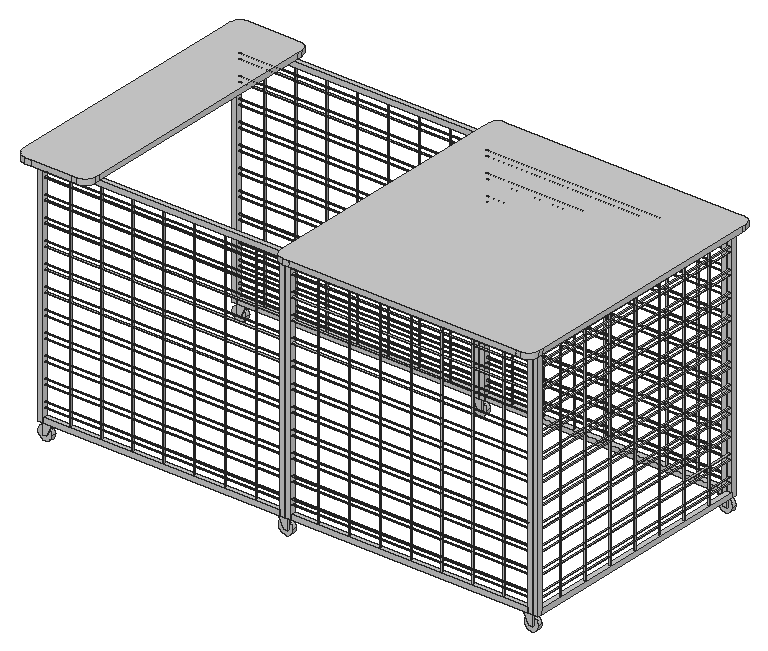
Revit family "CC", category Specialty Equipment, Revit 2012
Parameters (values of type "Cart Corral")
  URL = "http://madixinc.com/display/freestanding.html"
  Model = "Cart Corral"
  Manufacturer = "© 2012 Madix, Inc. All rights reserved."
Reference planes (in)
  plane 1 "Center (Front/Back)": y = 0
  plane 2: z = 0
  plane 3 "Center (Left/Right)": x = 0
  plane 4: y = 24
  plane 5: y = -24
  plane 6: x = -24
  plane 7: x = -48
  plane 8: x = 24
  plane 9: x = 48
  plane 10: z = 3
  plane 11: z = 49
  plane 12: y = 23
  plane 13: y = -23
  plane 14: x = 49
  plane 15: z = 26
  plane 16: z = 50
  plane 17: y = -23.125
  plane 18: y = -23.875
Forms (in)
  Extrusion 1, solid, material "Metal - Steel"
    sketch origin (0, 0, 0) x (1, 0, 0) y (0, 0, 1)
      loop
        line (-48, 3) -> (-47, 3) -> (-47, 48) -> (-48, 49) -> (-48, 3)
      loop
        line (0, 3) -> (0, 49) -> (-1, 48) -> (-1, 3) -> (0, 3)
    from -24 to -23
  Extrusion 2, solid, material "Metal - Steel"
    sketch origin (0, 0, 0) x (1, 0, 0) y (0, 0, -1)
      loop
        line (-48, -3) -> (-48, -49) -> (-47, -48) -> (-47, -3) -> (-48, -3)
      loop
        line (0, -3) -> (-1, -3) -> (-1, -48) -> (0, -49) -> (0, -3)
    from -24 to -23
  Extrusion 3, solid, material "Metal - Steel"
    sketch origin (0, 0, 0) x (-1, 0, 0) y (0, 0, 1)
      loop
        line (-48, 3) -> (-47, 3) -> (-47, 48) -> (-48, 49) -> (-48, 3)
      loop
        line (0, 3) -> (0, 49) -> (-1, 48) -> (-1, 3) -> (0, 3)
    from -24 to -23
  Extrusion 4, solid, material "Metal - Steel"
    sketch origin (0, 0, 0) x (-1, 0, 0) y (0, 0, -1)
      loop
        line (-48, -3) -> (-48, -49) -> (-47, -48) -> (-47, -3) -> (-48, -3)
      loop
        line (0, -3) -> (-1, -3) -> (-1, -48) -> (0, -49) -> (0, -3)
    from -24 to -23
  Extrusion 5, solid, material "Metal - Steel"
    sketch origin (0, 0, 0) x (1, 0, 0) y (0, 0, 1)
      loop
        line (-48, 49) -> (-47, 48) -> (-1, 48) -> (0, 49) -> (-48, 49)
      loop
        line (-47, 3) -> (-1, 3) -> (-1, 4) -> (-47, 4) -> (-47, 3)
    from -24 to -23
  Extrusion 6, solid, material "Metal - Steel"
    sketch origin (0, 0, 0) x (1, 0, 0) y (0, 0, -1)
      loop
        line (-48, -49) -> (0, -49) -> (-1, -48) -> (-47, -48) -> (-48, -49)
      loop
        line (-47, -3) -> (-47, -4) -> (-1, -4) -> (-1, -3) -> (-47, -3)
    from -24 to -23
  Extrusion 7, solid, material "Metal - Steel"
    sketch origin (0, 0, 0) x (-1, 0, 0) y (0, 0, 1)
      loop
        line (-48, 49) -> (-47, 48) -> (-1, 48) -> (0, 49) -> (-48, 49)
      loop
        line (-47, 3) -> (-1, 3) -> (-1, 4) -> (-47, 4) -> (-47, 3)
    from -24 to -23
  Extrusion 8, solid, material "Metal - Steel"
    sketch origin (0, 0, 0) x (-1, 0, 0) y (0, 0, -1)
      loop
        line (-48, -49) -> (0, -49) -> (-1, -48) -> (-47, -48) -> (-48, -49)
      loop
        line (-47, -3) -> (-47, -4) -> (-1, -4) -> (-1, -3) -> (-47, -3)
    from -24 to -23
  Extrusion 9, solid, material "Metal - Steel"
    sketch origin (0, 0, 0) x (0, 1, 0) y (0, 0, 1)
      loop
        line (-24, 3) -> (-23, 3) -> (-23, 48) -> (-24, 49) -> (-24, 3)
      loop
        line (24, 3) -> (24, 49) -> (23, 48) -> (23, 3) -> (24, 3)
    from 48 to 49
  Extrusion 10, solid, material "Metal - Steel"
    sketch origin (0, 0, 0) x (0, 1, 0) y (0, 0, 1)
      loop
        line (-24, 49) -> (-23, 48) -> (23, 48) -> (24, 49) -> (-24, 49)
      loop
        line (-23, 3) -> (23, 3) -> (23, 4) -> (-23, 4) -> (-23, 3)
    from 48 to 49
  Extrusion 11, solid, material "Metal - Steel"
    sketch origin (0, 0, 0) x (1, 0, 0) y (0, 1, 0)
      loop
        circle (-24, -23.5) r 0.125
      loop
        circle (-30, -23.5) r 0.125
      loop
        circle (-36, -23.5) r 0.125
      loop
        circle (-42, -23.5) r 0.125
      loop
        circle (-18, -23.5) r 0.125
      loop
        circle (-12, -23.5) r 0.125
      loop
        circle (-6, -23.5) r 0.125
      loop
        circle (24, -23.5) r 0.125
      loop
        circle (30, -23.5) r 0.125
      loop
        circle (36, -23.5) r 0.125
      loop
        circle (42, -23.5) r 0.125
      loop
        circle (18, -23.5) r 0.125
      loop
        circle (12, -23.5) r 0.125
      loop
        circle (6, -23.5) r 0.125
      loop
        circle (-24, 23.5) r 0.125
      loop
        circle (-30, 23.5) r 0.125
      loop
        circle (-36, 23.5) r 0.125
      loop
        circle (-42, 23.5) r 0.125
      loop
        circle (-18, 23.5) r 0.125
      loop
        circle (-12, 23.5) r 0.125
      loop
        circle (-6, 23.5) r 0.125
      loop
        circle (24, 23.5) r 0.125
      loop
        circle (30, 23.5) r 0.125
      loop
        circle (36, 23.5) r 0.125
      loop
        circle (42, 23.5) r 0.125
      loop
        circle (18, 23.5) r 0.125
      loop
        circle (12, 23.5) r 0.125
      loop
        circle (6, 23.5) r 0.125
      loop
        circle (48.5, 0) r 0.125
      loop
        circle (48.5, -6) r 0.125
      loop
        circle (48.5, -12) r 0.125
      loop
        circle (48.5, -18) r 0.125
      loop
        circle (48.5, 6) r 0.125
      loop
        circle (48.5, 12) r 0.125
      loop
        circle (48.5, 18) r 0.125
    from 4 to 48
  Extrusion 12, solid, material "Metal - Steel"
    sketch origin (0, 0, 0) x (1, 0, 0) y (0, 0, 1)
      loop
        circle (48.5, 26.5) r 0.125
      loop
        circle (48.5, 25.5) r 0.125
      loop
        circle (48.5, 22.5) r 0.125
      loop
        circle (48.5, 21.5) r 0.125
      loop
        circle (48.5, 18.5) r 0.125
      loop
        circle (48.5, 17.5) r 0.125
      loop
        circle (48.5, 14.5) r 0.125
      loop
        circle (48.5, 13.5) r 0.125
      loop
        circle (48.5, 10.5) r 0.125
      loop
        circle (48.5, 9.5) r 0.125
      loop
        circle (48.5, 6.5) r 0.125
      loop
        circle (48.5, 5.5) r 0.125
      loop
        circle (48.5, 29.5) r 0.125
      loop
        circle (48.5, 30.5) r 0.125
      loop
        circle (48.5, 33.5) r 0.125
      loop
        circle (48.5, 34.5) r 0.125
      loop
        circle (48.5, 37.5) r 0.125
      loop
        circle (48.5, 38.5) r 0.125
      loop
        circle (48.5, 41.5) r 0.125
      loop
        circle (48.5, 42.5) r 0.125
      loop
        circle (48.5, 45.5) r 0.125
      loop
        circle (48.5, 46.5) r 0.125
    from -23 to 23
  Extrusion 13, solid, material "Metal - Steel"
    sketch origin (0, 0, 0) x (0, 1, 0) y (0, 0, 1)
      loop
        circle (23.5, 26.5) r 0.125
      loop
        circle (23.5, 25.5) r 0.125
      loop
        circle (23.5, 30.5) r 0.125
      loop
        circle (23.5, 29.5) r 0.125
      loop
        circle (23.5, 34.5) r 0.125
      loop
        circle (23.5, 33.5) r 0.125
      loop
        circle (23.5, 38.5) r 0.125
      loop
        circle (23.5, 37.5) r 0.125
      loop
        circle (23.5, 42.5) r 0.125
      loop
        circle (23.5, 41.5) r 0.125
      loop
        circle (23.5, 46.5) r 0.125
      loop
        circle (23.5, 45.5) r 0.125
      loop
        circle (23.5, 21.5) r 0.125
      loop
        circle (23.5, 22.5) r 0.125
      loop
        circle (23.5, 17.5) r 0.125
      loop
        circle (23.5, 18.5) r 0.125
      loop
        circle (23.5, 13.5) r 0.125
      loop
        circle (23.5, 14.5) r 0.125
      loop
        circle (23.5, 9.5) r 0.125
      loop
        circle (23.5, 10.5) r 0.125
      loop
        circle (23.5, 5.5) r 0.125
      loop
        circle (23.5, 6.5) r 0.125
      loop
        circle (-23.5, 26.5) r 0.125
      loop
        circle (-23.5, 25.5) r 0.125
      loop
        circle (-23.5, 30.5) r 0.125
      loop
        circle (-23.5, 29.5) r 0.125
      loop
        circle (-23.5, 34.5) r 0.125
      loop
        circle (-23.5, 33.5) r 0.125
      loop
        circle (-23.5, 38.5) r 0.125
      loop
        circle (-23.5, 37.5) r 0.125
      loop
        circle (-23.5, 42.5) r 0.125
      loop
        circle (-23.5, 41.5) r 0.125
      loop
        circle (-23.5, 46.5) r 0.125
      loop
        circle (-23.5, 45.5) r 0.125
      loop
        circle (-23.5, 21.5) r 0.125
      loop
        circle (-23.5, 22.5) r 0.125
      loop
        circle (-23.5, 17.5) r 0.125
      loop
        circle (-23.5, 18.5) r 0.125
      loop
        circle (-23.5, 13.5) r 0.125
      loop
        circle (-23.5, 14.5) r 0.125
      loop
        circle (-23.5, 9.5) r 0.125
      loop
        circle (-23.5, 10.5) r 0.125
      loop
        circle (-23.5, 5.5) r 0.125
      loop
        circle (-23.5, 6.5) r 0.125
    from 1 to 48
  Extrusion 14, solid, material "Metal - Steel"
    sketch origin (0, 0, 0) x (0, 1, 0) y (0, 0, -1)
      loop
        circle (23.5, -26.5) r 0.125
      loop
        circle (23.5, -25.5) r 0.125
      loop
        circle (23.5, -30.5) r 0.125
      loop
        circle (23.5, -29.5) r 0.125
      loop
        circle (23.5, -34.5) r 0.125
      loop
        circle (23.5, -33.5) r 0.125
      loop
        circle (23.5, -38.5) r 0.125
      loop
        circle (23.5, -37.5) r 0.125
      loop
        circle (23.5, -42.5) r 0.125
      loop
        circle (23.5, -41.5) r 0.125
      loop
        circle (23.5, -46.5) r 0.125
      loop
        circle (23.5, -45.5) r 0.125
      loop
        circle (23.5, -21.5) r 0.125
      loop
        circle (23.5, -22.5) r 0.125
      loop
        circle (23.5, -17.5) r 0.125
      loop
        circle (23.5, -18.5) r 0.125
      loop
        circle (23.5, -13.5) r 0.125
      loop
        circle (23.5, -14.5) r 0.125
      loop
        circle (23.5, -9.5) r 0.125
      loop
        circle (23.5, -10.5) r 0.125
      loop
        circle (23.5, -5.5) r 0.125
      loop
        circle (23.5, -6.5) r 0.125
      loop
        circle (-23.5, -26.5) r 0.125
      loop
        circle (-23.5, -25.5) r 0.125
      loop
        circle (-23.5, -30.5) r 0.125
      loop
        circle (-23.5, -29.5) r 0.125
      loop
        circle (-23.5, -34.5) r 0.125
      loop
        circle (-23.5, -33.5) r 0.125
      loop
        circle (-23.5, -38.5) r 0.125
      loop
        circle (-23.5, -37.5) r 0.125
      loop
        circle (-23.5, -42.5) r 0.125
      loop
        circle (-23.5, -41.5) r 0.125
      loop
        circle (-23.5, -46.5) r 0.125
      loop
        circle (-23.5, -45.5) r 0.125
      loop
        circle (-23.5, -21.5) r 0.125
      loop
        circle (-23.5, -22.5) r 0.125
      loop
        circle (-23.5, -17.5) r 0.125
      loop
        circle (-23.5, -18.5) r 0.125
      loop
        circle (-23.5, -13.5) r 0.125
      loop
        circle (-23.5, -14.5) r 0.125
      loop
        circle (-23.5, -9.5) r 0.125
      loop
        circle (-23.5, -10.5) r 0.125
      loop
        circle (-23.5, -5.5) r 0.125
      loop
        circle (-23.5, -6.5) r 0.125
    from 1 to 47
  Extrusion 15, solid, material "Metal - Steel"
    sketch origin (0, 0, 0) x (1, 0, 0) y (0, 1, 0)
      loop
        line (50, -24) -> (50, 24) -> (50, 25)
        arc (50, 25) -> (49.41421, 26.41421) -> (48, 27) r 2
        line (48, 27) -> (47, 27) -> (3, 27) -> (2, 27)
        arc (2, 27) -> (0.58579, 26.41421) -> (0, 25) r 2
        line (0, 25) -> (0, 24) -> (0, -24) -> (0, -25)
        arc (0, -25) -> (0.58579, -26.41421) -> (2, -27) r 2
        line (2, -27) -> (3, -27) -> (47, -27) -> (48, -27)
        arc (48, -27) -> (49.41421, -26.41421) -> (50, -25) r 2
        line (50, -25) -> (50, -24)
    from 49 to 50
  Extrusion 16, solid, material "Metal - Steel"
    sketch origin (0, 0, 0) x (-1, 0, 0) y (0, -1, 0)
      loop
        line (50, 24) -> (50, 25)
        arc (50, 25) -> (49.41421, 26.41421) -> (48, 27) r 2
        line (48, 27) -> (47, 27) -> (39, 27) -> (38, 27)
        arc (38, 27) -> (36.58579, 26.41421) -> (36, 25) r 2
        line (36, 25) -> (36, 24) -> (36, -24) -> (36, -25)
        arc (36, -25) -> (36.58579, -26.41421) -> (38, -27) r 2
        line (38, -27) -> (39, -27) -> (47, -27) -> (48, -27)
        arc (48, -27) -> (49.41421, -26.41421) -> (50, -25) r 2
        line (50, -25) -> (50, -24) -> (50, 24)
    from 49 to 50
  Extrusion 17, solid, material "Metal - Steel"
    sketch origin (0, 0, 0) x (1, 0, 0) y (0, 0, 1)
      loop
        circle (-46.625, 1.375) r 1.375
      loop
        circle (0, 1.375) r 1.375
      loop
        circle (47.625, 1.375) r 1.375
    from 23.125 to 23.875
  Extrusion 18, solid, material "Metal - Steel"
    sketch origin (0, 0, 0) x (1, 0, 0) y (0, 0, -1)
      loop
        circle (-46.625, -1.375) r 1.375
      loop
        circle (0, -1.375) r 1.375
      loop
        circle (47.625, -1.375) r 1.375
    from 23.125 to 23.875
  Extrusion 19, solid, material "Metal - Steel"
    sketch origin (0, 0, 0) x (1, 0, 0) y (0, 0, 1)
      loop
        line (-47, 3) -> (-47, 1) -> (-46.25, 1) -> (-45.25, 3) -> (-47, 3)
      loop
        line (48, 3) -> (46.25, 3) -> (47.25, 1) -> (48, 1) -> (48, 3)
      loop
        line (0.5, 3) -> (-1.25, 3) -> (-0.25, 1) -> (0.5, 1) -> (0.5, 3)
    from 23 to 23.125
  Extrusion 20, solid, material "Metal - Steel"
    sketch origin (0, -47.75, 0) x (1, 0, 0) y (0, 0, -1)
      loop
        line (-47, -3) -> (-45.25, -3) -> (-46.25, -1) -> (-47, -1) -> (-47, -3)
      loop
        line (48, -3) -> (48, -1) -> (47.25, -1) -> (46.25, -3) -> (48, -3)
      loop
        line (0.5, -3) -> (0.5, -1) -> (-0.25, -1) -> (-1.25, -3) -> (0.5, -3)
    from 23.75 to 23.875
  Extrusion 21, solid, material "Metal - Steel"
    sketch origin (0, 47.75, 0) x (1, 0, 0) y (0, 0, 1)
      loop
        line (-47, 3) -> (-47, 1) -> (-46.25, 1) -> (-45.25, 3) -> (-47, 3)
      loop
        line (48, 3) -> (46.25, 3) -> (47.25, 1) -> (48, 1) -> (48, 3)
      loop
        line (0.5, 3) -> (-1.25, 3) -> (-0.25, 1) -> (0.5, 1) -> (0.5, 3)
    from 23.75 to 23.875
  Extrusion 22, solid, material "Metal - Steel"
    sketch origin (0, 0, 0) x (1, 0, 0) y (0, 0, -1)
      loop
        line (-47, -3) -> (-45.25, -3) -> (-46.25, -1) -> (-47, -1) -> (-47, -3)
      loop
        line (48, -3) -> (48, -1) -> (47.25, -1) -> (46.25, -3) -> (48, -3)
      loop
        line (0.5, -3) -> (0.5, -1) -> (-0.25, -1) -> (-1.25, -3) -> (0.5, -3)
    from 23 to 23.125
Dimensions and locks (in)
  aligned and locked: level to plane 2
